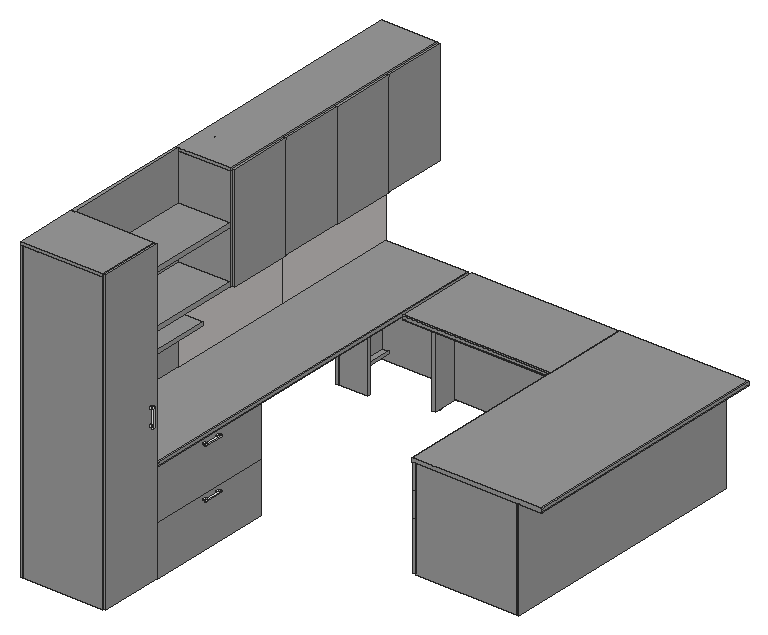
Revit family "JSI-Vision-Typical_Laminate-VST125", category Furniture, Revit 2020 (continued)
Definition of nested family "JSI-Vision-Adjustable_Casegood-L_Shape-Modesty_Desk-Bridge"
  Definition of nested family "Double_Mechanism"
    Forms (in)
      Extrusion 9, solid, material <- "Support Finish"
        sketch origin (0, -56.13571, 0) x (1, 0, 0) y (0, 0, -1)
          loop
            line (-1.97781, -27.12586) -> (-3.00258, -27.12586)
            arc (-3.00258, -27.12586) -> (-3.05782, -27.14874) -> (-3.08071, -27.20399) r 0.07813
            line (-3.08071, -27.20399) -> (-3.08071, -28.23462)
            arc (-3.08071, -28.23462) -> (-3.05782, -28.28986) -> (-3.00258, -28.31275) r 0.07813
            line (-3.00258, -28.31275) -> (-1.97884, -28.31275)
          loop
            line (1.96218, -28.25025) -> (3.01821, -28.25025) -> (3.01821, -27.19414) -> (1.96218, -27.19414) -> (1.96218, -28.25025)
          loop
            line (-1.96218, -28.25025) -> (-1.96218, -27.18836) -> (-3.01821, -27.18836) -> (-3.01821, -28.25025) -> (-1.96218, -28.25025)
        from -4.88795 to 15.3089
      Extrusion 10, solid, material <- "Support Finish"
        sketch origin (0, -63.14354, 0) x (1, 0, 0) y (0, 0, -1)
          loop
            arc (-3.15949, -27.17039) -> (-3.14814, -27.14299) -> (-3.12074, -27.13164) r 0.03875
            line (-3.12074, -27.13164) -> (-2.09649, -27.13164) -> (-2.09649, -27.01353) -> (-3.12012, -27.01353)
            arc (-3.12012, -27.01353) -> (-3.23147, -27.05966) -> (-3.2776, -27.17101) r 0.15748
            line (-3.2776, -27.17101) -> (-3.2776, -28.15527)
            arc (-3.2776, -28.15527) -> (-3.28913, -28.1831) -> (-3.31697, -28.19464) r 0.03937
            line (-3.31697, -28.19464) -> (-9.29531, -28.19464) -> (-9.29531, -28.31275) -> (-3.31697, -28.31275)
            arc (-3.31697, -28.31275) -> (-3.20561, -28.26662) -> (-3.15949, -28.15527) r 0.15748
            line (-3.15949, -28.15527) -> (-3.15949, -27.17039)
          loop
            line (3.15949, -27.17039) -> (3.15949, -28.15527)
            arc (3.15949, -28.15527) -> (3.20561, -28.26662) -> (3.31697, -28.31275) r 0.15748
            line (3.31697, -28.31275) -> (9.29531, -28.31275) -> (9.29531, -28.19464) -> (3.31697, -28.19464)
            arc (3.31697, -28.19464) -> (3.28913, -28.1831) -> (3.2776, -28.15527) r 0.03937
            line (3.2776, -28.15527) -> (3.2776, -27.17101)
            arc (3.2776, -27.17101) -> (3.23147, -27.05966) -> (3.12012, -27.01353) r 0.15748
            line (3.12012, -27.01353) -> (2.09649, -27.01353) -> (2.09649, -27.13164) -> (3.12074, -27.13164)
            arc (3.12074, -27.13164) -> (3.14814, -27.14299) -> (3.15949, -27.17039) r 0.03875
        from 1.94468 to 4.38562
      Extrusion 11, void
        sketch origin (0, -63.14354, 0) x (1, 0, 0) y (0, 1, 0)
          loop
            line (-8.90161, 3.12578) -> (-4.8524, 3.12578)
            arc (-4.8524, 3.12578) -> (-4.57401, 3.24109) -> (-4.4587, 3.51948) r 0.3937
            line (-4.4587, 3.51948) -> (-4.4587, 3.99192)
            arc (-4.4587, 3.99192) -> (-4.3402, 4.278) -> (-4.05412, 4.3965) r 0.40458
            line (-4.05412, 4.3965) -> (-4.05412, 4.47635) -> (-9.50791, 4.47635) -> (-9.50791, 2.71483) -> (-9.31256, 2.71483)
            arc (-9.31256, 2.71483) -> (-9.19219, 3.00542) -> (-8.90161, 3.12578) r 0.41095
          loop
            arc (8.90161, 3.12578) -> (9.19219, 3.00542) -> (9.31256, 2.71483) r 0.41095
            line (9.31256, 2.71483) -> (9.50791, 2.71483) -> (9.50791, 4.47635) -> (4.05412, 4.47635) -> (4.05412, 4.3965)
            arc (4.05412, 4.3965) -> (4.3402, 4.278) -> (4.4587, 3.99192) r 0.40458
            line (4.4587, 3.99192) -> (4.4587, 3.51948)
            arc (4.4587, 3.51948) -> (4.57401, 3.24109) -> (4.8524, 3.12578) r 0.3937
            line (4.8524, 3.12578) -> (8.90161, 3.12578)
        from 26.46233 to 29.5
      Extrusion 12, solid, material <- "Support Finish"
        sketch origin (0, -1.70596, 0) x (1, 0, 0) y (0, 0, 1)
          loop
            arc (-2.97044, 28.25025) -> (-3.00421, 28.23626) -> (-3.01821, 28.20248) r 0.04777
            line (-3.01821, 28.20248) -> (-3.01821, 27.24102)
            arc (-3.01821, 27.24102) -> (-3.00448, 27.20787) -> (-2.97133, 27.19414) r 0.04688
            line (-2.97133, 27.19414) -> (-2.00906, 27.19414)
            arc (-2.00906, 27.19414) -> (-1.97591, 27.20787) -> (-1.96218, 27.24102) r 0.04688
            line (-1.96218, 27.24102) -> (-1.96218, 28.20337)
            arc (-1.96218, 28.20337) -> (-1.97591, 28.23652) -> (-2.00906, 28.25025) r 0.04688
            line (-2.00906, 28.25025) -> (-2.97044, 28.25025)
          loop
            arc (2.00906, 28.25025) -> (1.97591, 28.23652) -> (1.96218, 28.20337) r 0.04688
            line (1.96218, 28.20337) -> (1.96218, 27.24102)
            arc (1.96218, 27.24102) -> (1.97591, 27.20787) -> (2.00906, 27.19414) r 0.04688
            line (2.00906, 27.19414) -> (2.97133, 27.19414)
            arc (2.97133, 27.19414) -> (3.00448, 27.20787) -> (3.01821, 27.24102) r 0.04688
            line (3.01821, 27.24102) -> (3.01821, 28.20337)
            arc (3.01821, 28.20337) -> (3.00448, 28.23652) -> (2.97133, 28.25025) r 0.04688
            line (2.97133, 28.25025) -> (2.00906, 28.25025)
        from 14.61077 to 45.12085
    Cuts and joins
      Extrusion 11 cuts Extrusion 4
      Extrusion 7, Extrusion 11 cuts Extrusion 6
      joined: Extrusion 4, Extrusion 6
      Extrusion 11 cuts Extrusion 9
      Extrusion 11 cuts Extrusion 10
    Lines and regions (in)
      symbolic lines
        curve 1: line (-9.29531, -1.82657, 0) -> (9.29531, -1.82657, 0)
        curve 2: line (9.29531, -1.82657, 0) -> (9.29531, -2.83263, 0)
        curve 3: arc (9.29531, -2.83263, 0) -> (9.14704, -3.04444, 0) -> (8.90161, -3.12578, 0) r 0.41095
        curve 4: line (8.90161, -3.12578, 0) -> (4.8524, -3.12578, 0)
        curve 5: arc (4.8524, -3.12578, 0) -> (4.57401, -3.24109, 0) -> (4.4587, -3.51948, 0) r 0.3937
        curve 6: line (4.4587, -3.51948, 0) -> (4.4587, -3.99192, 0)
        curve 7: arc (4.4587, -3.99192, 0) -> (4.37144, -4.2429, 0) -> (4.14731, -4.38562, 0) r 0.40458
        curve 8: line (2.09649, -1.94468, 0) -> (2.09649, -4.38562, 0)
        curve 9: line (-9.29531, -1.82657, 0) -> (-9.29531, -2.83263, 0)
        curve 10: arc (-8.90161, -3.12578, 0) -> (-9.14704, -3.04444, 0) -> (-9.29531, -2.83263, 0) r 0.41095
        curve 11: line (-4.8524, -3.12578, 0) -> (-8.90161, -3.12578, 0)
        curve 12: arc (-4.4587, -3.51948, 0) -> (-4.57401, -3.24109, 0) -> (-4.8524, -3.12578, 0) r 0.3937
        curve 13: line (-4.4587, -3.99192, 0) -> (-4.4587, -3.51948, 0)
        curve 14: arc (-4.14731, -4.38562, 0) -> (-4.37144, -4.2429, 0) -> (-4.4587, -3.99192, 0) r 0.40458
        curve 15: line (-4.14731, -4.38562, 0) -> (-2.09649, -4.38562, 0)
        curve 16: line (-2.09649, -4.38562, 0) -> (-2.09649, -1.82657, 0)
        curve 17: line (-3.08071, -4.38562, 0) -> (-3.08071, -22.31673, 0)
        curve 18: line (-1.89968, -22.31673, 0) -> (-3.08071, -22.31673, 0)
        curve 19: line (-1.89968, -22.31673, 0) -> (-1.89968, -2.11987, 0)
        curve 20: line (-1.89968, -2.11987, 0) -> (-2.09649, -2.11987, 0)
        curve 21: line (3.08071, -4.38562, 0) -> (3.08071, -22.31673, 0)
        curve 22: line (1.89968, -22.31673, 0) -> (3.08071, -22.31673, 0)
        curve 23: line (1.89968, -22.31673, 0) -> (1.89968, -2.11987, 0)
        curve 24: line (1.89968, -2.11987, 0) -> (2.09649, -2.11987, 0)
        curve 25: line (-1.89968, -10.68287, 0) -> (1.89968, -10.68287, 0)
        curve 26: line (1.25984, -2.82928, 0) -> (-1.25984, -2.82928, 0)
        curve 27: arc (-1.25984, -2.82928, 0) -> (-1.32944, -2.85811, 0) -> (-1.35827, -2.92771, 0) r 0.09843
        curve 28: line (-1.35827, -2.92771, 0) -> (-1.35827, -5.44739, 0)
        curve 29: arc (-1.35827, -5.44739, 0) -> (-1.32944, -5.51699, 0) -> (-1.25984, -5.54582, 0) r 0.09843
        curve 30: line (-1.25984, -5.54582, 0) -> (1.25984, -5.54582, 0)
        curve 31: arc (1.25984, -5.54582, 0) -> (1.32944, -5.51699, 0) -> (1.35827, -5.44739, 0) r 0.09843
        curve 32: line (1.35827, -5.44739, 0) -> (1.35827, -2.92771, 0)
        curve 33: arc (1.35827, -2.92771, 0) -> (1.32944, -2.85811, 0) -> (1.25984, -2.82928, 0) r 0.09843
        curve 34: line (1.07283, -3.01629, 0) -> (-1.07283, -3.01629, 0)
        curve 35: arc (-1.07283, -3.01629, 0) -> (-1.14243, -3.04512, 0) -> (-1.17126, -3.11472, 0) r 0.09843
        curve 36: line (-1.17126, -3.11472, 0) -> (-1.17126, -5.26039, 0)
        curve 37: arc (-1.17126, -5.26039, 0) -> (-1.14243, -5.32998, 0) -> (-1.07283, -5.35881, 0) r 0.09843
        curve 38: line (-1.07283, -5.35881, 0) -> (1.07283, -5.35881, 0)
        curve 39: arc (1.07283, -5.35881, 0) -> (1.14243, -5.32998, 0) -> (1.17126, -5.26039, 0) r 0.09843
        curve 40: line (1.17126, -5.26039, 0) -> (1.17126, -3.11472, 0)
        curve 41: arc (1.17126, -3.11472, 0) -> (1.14243, -3.04512, 0) -> (1.07283, -3.01629, 0) r 0.09843
        curve 42: line (4.14731, -4.38562, 0) -> (2.09649, -4.38562, 0)
        curve 43: line (-9.29531, -61.31697, 0) -> (9.29531, -61.31697, 0)
        curve 44: line (9.29531, -61.31697, 0) -> (9.29531, -60.3109, 0)
        curve 45: arc (9.29531, -60.3109, 0) -> (9.14704, -60.09909, 0) -> (8.90161, -60.01776, 0) r 0.41095
        curve 46: line (8.90161, -60.01776, 0) -> (4.8524, -60.01776, 0)
        curve 47: arc (4.8524, -60.01776, 0) -> (4.57401, -59.90244, 0) -> (4.4587, -59.62405, 0) r 0.3937
        curve 48: line (4.4587, -59.62405, 0) -> (4.4587, -59.15161, 0)
        curve 49: arc (4.4587, -59.15161, 0) -> (4.37144, -58.90063, 0) -> (4.14731, -58.75791, 0) r 0.40458
        curve 50: line (2.09649, -61.19886, 0) -> (2.09649, -58.75791, 0)
        curve 51: line (-9.29531, -61.31697, 0) -> (-9.29531, -60.3109, 0)
        curve 52: arc (-8.90161, -60.01776, 0) -> (-9.14704, -60.09909, 0) -> (-9.29531, -60.3109, 0) r 0.41095
        curve 53: line (-4.8524, -60.01776, 0) -> (-8.90161, -60.01776, 0)
        curve 54: arc (-4.4587, -59.62405, 0) -> (-4.57401, -59.90244, 0) -> (-4.8524, -60.01776, 0) r 0.3937
        curve 55: line (-4.4587, -59.15161, 0) -> (-4.4587, -59.62405, 0)
        curve 56: arc (-4.14731, -58.75791, 0) -> (-4.37144, -58.90063, 0) -> (-4.4587, -59.15161, 0) r 0.40458
        curve 57: line (-4.14731, -58.75791, 0) -> (-2.09649, -58.75791, 0)
        curve 58: line (-2.09649, -58.75791, 0) -> (-2.09649, -61.31697, 0)
        curve 59: line (-3.08071, -58.75791, 0) -> (-3.08071, -40.82681, 0)
        curve 60: line (-1.89968, -40.82681, 0) -> (-3.08071, -40.82681, 0)
        curve 61: line (-1.89968, -40.82681, 0) -> (-1.89968, -61.02366, 0)
        curve 62: line (-1.89968, -61.02366, 0) -> (-2.09649, -61.02366, 0)
        curve 63: line (3.08071, -58.75791, 0) -> (3.08071, -40.82681, 0)
        curve 64: line (1.89968, -40.82681, 0) -> (3.08071, -40.82681, 0)
        curve 65: line (1.89968, -40.82681, 0) -> (1.89968, -61.02366, 0)
        curve 66: line (1.89968, -61.02366, 0) -> (2.09649, -61.02366, 0)
        curve 67: line (-1.89968, -52.46067, 0) -> (1.89968, -52.46067, 0)
        curve 68: line (1.25984, -60.31425, 0) -> (-1.25984, -60.31425, 0)
        curve 69: arc (-1.25984, -60.31425, 0) -> (-1.32944, -60.28542, 0) -> (-1.35827, -60.21583, 0) r 0.09843
        curve 70: line (-1.35827, -60.21583, 0) -> (-1.35827, -57.69614, 0)
        curve 71: arc (-1.35827, -57.69614, 0) -> (-1.32944, -57.62654, 0) -> (-1.25984, -57.59772, 0) r 0.09843
        curve 72: line (-1.25984, -57.59772, 0) -> (1.25984, -57.59772, 0)
        curve 73: arc (1.25984, -57.59772, 0) -> (1.32944, -57.62654, 0) -> (1.35827, -57.69614, 0) r 0.09843
        curve 74: line (1.35827, -57.69614, 0) -> (1.35827, -60.21583, 0)
        curve 75: arc (1.35827, -60.21583, 0) -> (1.32944, -60.28542, 0) -> (1.25984, -60.31425, 0) r 0.09843
        curve 76: line (1.07283, -60.12724, 0) -> (-1.07283, -60.12724, 0)
        curve 77: arc (-1.07283, -60.12724, 0) -> (-1.14243, -60.09842, 0) -> (-1.17126, -60.02882, 0) r 0.09843
        curve 78: line (-1.17126, -60.02882, 0) -> (-1.17126, -57.88315, 0)
        curve 79: arc (-1.17126, -57.88315, 0) -> (-1.14243, -57.81355, 0) -> (-1.07283, -57.78472, 0) r 0.09843
        curve 80: line (-1.07283, -57.78472, 0) -> (1.07283, -57.78472, 0)
        curve 81: arc (1.07283, -57.78472, 0) -> (1.14243, -57.81355, 0) -> (1.17126, -57.88315, 0) r 0.09843
        curve 82: line (1.17126, -57.88315, 0) -> (1.17126, -60.02882, 0)
        curve 83: arc (1.17126, -60.02882, 0) -> (1.14243, -60.09842, 0) -> (1.07283, -60.12724, 0) r 0.09843
        curve 84: line (4.14731, -58.75791, 0) -> (2.09649, -58.75791, 0)
        curve 85: line (-3.01821, -22.31673, 0) -> (-3.01821, -40.81673, 0)
        curve 86: line (-1.96218, -40.82681, 0) -> (-1.96218, -22.31673, 0)
        curve 87: line (1.96218, -22.31673, 0) -> (1.96218, -40.82681, 0)
        curve 88: line (3.01821, -40.82681, 0) -> (3.01821, -22.31673, 0)
    Dimensions and locks (in)
      Extrusion 1 sketch curve to Extrusion 1 sketch curve to plane 1 "Center (Front/Back)" = 2.34252" locked, 3.01629" locked
      Extrusion 1 sketch curve to plane 3 "Center (Left/Right)" to Extrusion 1 sketch curve = 1.17126" locked, 1.17126" locked
      Extrusion 3 sketch curve to plane 3 "Center (Left/Right)" to Extrusion 3 sketch curve = 1.35827" locked, 1.35827" locked
      Extrusion 3 sketch curve to Extrusion 3 sketch curve to plane 1 "Center (Front/Back)" = 2.71654" locked, 2.82928" locked
      plane 2 to Extrusion 3 to Extrusion 3 = 2.6907" locked, 23.38583" locked
      "Height": plane 2 to plane 4
      Extrusion 1 to Extrusion 1 to plane 4 = 23.38581" locked, 3.06941" locked
      Extrusion 2 sketch curve to Extrusion 2 sketch curve to Extrusion 2 sketch curve to plane 4 = 1.57541" locked, 0.275" locked, 1.219" locked
      Extrusion 4 sketch curve to Extrusion 4 sketch curve to Extrusion 4 sketch curve to Extrusion 4 sketch curve to Extrusion 4 sketch curve to Extrusion 4 sketch curve to plane 3 "Center (Left/Right)" to Extrusion 4 sketch curve to Extrusion 4 sketch curve to Extrusion 4 sketch curve to Extrusion 4 sketch curve to Extrusion 4 sketch curve to Extrusion 4 sketch curve = 0.37595" locked, 5.79863" locked, 0.26689" locked, 0.7773" locked, 0.15752" locked, 1.91902" locked, 1.92012" locked, 0.15643" locked, 0.7773" locked, 0.26631" locked, 5.79921" locked, 0.37595" locked
      plane 4 to Extrusion 4 sketch curve to Extrusion 4 sketch curve to Extrusion 4 sketch curve to Extrusion 4 sketch curve to Extrusion 4 sketch curve = 1.18725" locked, 0.55247" locked, 1.37887" locked, 0.03038" locked, 0.34891" locked
      plane 1 "Center (Front/Back)" to Extrusion 4 to Extrusion 4 to Extrusion 5 to Extrusion 5 = 1.82657" locked, 0.11811" locked, 0.1752" locked, 20.19685"
      Extrusion 5 sketch curve to Extrusion 5 sketch curve to Extrusion 5 sketch curve to Extrusion 5 sketch curve to plane 3 "Center (Left/Right)" to Extrusion 5 sketch curve to Extrusion 5 sketch curve to Extrusion 5 sketch curve to Extrusion 5 sketch curve = 0.07915" locked, 1.02374" locked, 5/64" locked, 1.89968" locked, 1.89968" locked, 5/64" locked, 1.02374" locked, 0.07915" locked
      plane 4 to Extrusion 5 sketch curve to Extrusion 5 sketch curve to Extrusion 5 sketch curve to Extrusion 5 sketch curve = 1.18725" locked, 0.07915" locked, 1.02382" locked, 5/64" locked
      plane 4 to Extrusion 6 sketch curve to Extrusion 6 sketch curve to Extrusion 6 sketch curve to Extrusion 6 sketch curve to Extrusion 6 sketch curve to Extrusion 6 sketch curve = 1.18725" locked, 0.11811" locked, 0.03937" locked, 0.98425" locked, 0.03937" locked, 0.11811" locked
      plane 4 to Extrusion 8 sketch curve to Extrusion 8 sketch curve to Extrusion 8 sketch curve = 1.18725" locked, 0.275" locked, 1.57541" locked
      Extrusion 9 to Extrusion 9 = 20.19685"
      Extrusion 9 sketch curve to Extrusion 9 sketch curve to Extrusion 9 sketch curve to Extrusion 9 sketch curve to plane 3 "Center (Left/Right)" to Extrusion 9 sketch curve to Extrusion 9 sketch curve to Extrusion 9 sketch curve to Extrusion 9 sketch curve = 5/64" locked, 1.02374" locked, 0.07915" locked, 1.89968" locked, 1.89968" locked, 0.07915" locked, 1.02374" locked, 5/64" locked
      Extrusion 9 sketch curve to Extrusion 9 sketch curve to Extrusion 9 sketch curve to Extrusion 9 sketch curve to plane 4 = 5/64" locked, 1.02382" locked, 0.07915" locked, 1.18725" locked
      Extrusion 10 sketch curve to Extrusion 10 sketch curve to Extrusion 10 sketch curve to Extrusion 10 sketch curve to Extrusion 10 sketch curve to Extrusion 10 sketch curve = 0.11811" locked, 0.03937" locked, 0.98425" locked, 0.03937" locked, 0.11811" locked
      plane 5 to plane 1 "Center (Front/Back)" = 71.89468"
      locked: Extrusion 12 to Extrusion 5 at 6
      locked: cut or joined group of Extrusion 9, Extrusion 11 to Extrusion 12 at 6
      aligned and locked: plane 2 to level
      aligned and locked: Extrusion 1 to Extrusion 2
      aligned and locked: Extrusion 4 sketch curve to Extrusion 4 sketch curve  (x2)
      aligned and locked: Extrusion 5 sketch curve to Extrusion 5 sketch curve
      aligned and locked: Extrusion 4 to Extrusion 5 sketch curve
      aligned and locked: Extrusion 6 sketch curve to Extrusion 4
      aligned and locked: Extrusion 6 sketch curve to Extrusion 6 sketch curve  (x4)
      aligned and locked: Extrusion 6 to Extrusion 4
      aligned and locked: Extrusion 7 to plane 4
      aligned and locked: Extrusion 2 to Extrusion 7
      aligned and locked: curve 9 to cut or joined group of Extrusion 4, Extrusion 6, Extrusion 7, Extrusion 11
      aligned and locked: curve 10 to cut or joined group of Extrusion 4, Extrusion 6, Extrusion 7, Extrusion 11
      aligned and locked: curve 12 to cut or joined group of Extrusion 4, Extrusion 6, Extrusion 7, Extrusion 11
      aligned and locked: curve 14 to cut or joined group of Extrusion 4, Extrusion 6, Extrusion 7, Extrusion 11
      aligned and locked: curve 42 to cut or joined group of Extrusion 4, Extrusion 6, Extrusion 7, Extrusion 11
      aligned and locked: curve 18 to curve 22
      aligned and locked: curve 18 to Extrusion 5
      aligned and locked: Extrusion 9 sketch curve to Extrusion 9 sketch curve
      aligned and locked: Extrusion 10 sketch curve to Extrusion 10 sketch curve  (x4)
      aligned and locked: Extrusion 11 to Extrusion 8
      aligned and locked: curve 60 to curve 64
      aligned and locked: Extrusion 9 to curve 60
      aligned and locked: cut or joined group of Extrusion 9, Extrusion 11 to Extrusion 12 sketch curve
      aligned and locked: Extrusion 12 sketch curve to Extrusion 5
      aligned and locked: curve 86 to cut or joined group of Extrusion 9, Extrusion 11
      aligned and locked: Extrusion 5 to curve 87
      aligned and locked: curve 88 to cut or joined group of Extrusion 9, Extrusion 11
    Automatic sketch dimensions
      Extrusion 1 sketch curve to Extrusion 1 sketch curve = 0.09843"  (x4)
      plane 1 "Center (Front/Back)" to Extrusion 2 sketch curve = 10.68287"
      Extrusion 2 sketch curve to Extrusion 2 sketch curve = 0.5621"
      Extrusion 2 sketch curve to Extrusion 2 sketch curve = 0.50019"
      plane 1 "Center (Front/Back)" to Extrusion 2 sketch curve = 2.02145"
      Extrusion 3 sketch curve to Extrusion 3 sketch curve = 0.09843"  (x4)
      plane 4 to Extrusion 4 sketch curve = 2.11365"  (x2)
      Extrusion 4 sketch curve to Extrusion 4 sketch curve = 0.19623"
      Extrusion 4 sketch curve to Extrusion 4 sketch curve = 0.03875"
      Extrusion 4 sketch curve to Extrusion 4 sketch curve = 0.04121"  (x2)
      Extrusion 4 sketch curve to Extrusion 4 sketch curve = 0.00958"  (x2)
      Extrusion 4 sketch curve to Extrusion 4 sketch curve = 5/128"
      Extrusion 4 sketch curve to Extrusion 4 sketch curve = 0.04016"
      Extrusion 4 sketch curve to Extrusion 4 sketch curve = 0.03933"
      Extrusion 4 sketch curve to Extrusion 4 sketch curve = 0.15748"
      Extrusion 4 sketch curve to Extrusion 4 sketch curve = 0.03888"
      Extrusion 4 sketch curve to Extrusion 4 sketch curve = 0.34891"
      Extrusion 4 sketch curve to Extrusion 4 sketch curve = 0.37929"
      Extrusion 4 sketch curve to Extrusion 4 sketch curve = 0.39634"  (x2)
      Extrusion 4 sketch curve to Extrusion 4 sketch curve = 0.75024"
      Extrusion 4 sketch curve to Extrusion 4 sketch curve = 0.38427"
      Extrusion 5 sketch curve to Extrusion 5 sketch curve = 0.01665"  (x2)
      Extrusion 5 sketch curve to Extrusion 5 sketch curve = 5/64"  (x2)
      Extrusion 5 sketch curve to Extrusion 5 sketch curve = 1/64"  (x7)
      Extrusion 6 sketch curve to Extrusion 6 sketch curve = 0"  (x4)
      Extrusion 6 sketch curve to Extrusion 6 sketch curve = 5.97835"  (x2)
      Extrusion 6 sketch curve to Extrusion 6 sketch curve = 1.02424"
      plane 3 "Center (Left/Right)" to Extrusion 6 sketch curve = 2.09649"
      Extrusion 6 sketch curve to Extrusion 6 sketch curve = 1.02362"
      Extrusion 6 sketch curve to Extrusion 6 sketch curve = 0.00062"
      Extrusion 6 sketch curve to Extrusion 6 sketch curve = 0.03875"
      Extrusion 6 sketch curve to Extrusion 6 sketch curve = 0.03937"
      plane 1 "Center (Front/Back)" to Extrusion 7 sketch curve = 4.47635"  (x2)
      Extrusion 7 sketch curve to plane 3 "Center (Left/Right)" = 9.50791"
      Extrusion 7 sketch curve to Extrusion 7 sketch curve = 0.19535"  (x2)
      Extrusion 7 sketch curve to Extrusion 7 sketch curve = 0.41095"  (x2)
      Extrusion 7 sketch curve to Extrusion 7 sketch curve = 4.04921"  (x2)
      Extrusion 7 sketch curve to Extrusion 7 sketch curve = 0.3937"  (x2)
      Extrusion 7 sketch curve to Extrusion 7 sketch curve = 0.40458"  (x2)
      plane 3 "Center (Left/Right)" to Extrusion 7 sketch curve = 4.05412"
      Extrusion 7 sketch curve to Extrusion 7 sketch curve = 0.07985"  (x2)
      Extrusion 7 sketch curve to Extrusion 7 sketch curve = 0.47244"  (x2)
      plane 1 "Center (Front/Back)" to Extrusion 8 sketch curve = 52.46067"
      Extrusion 8 sketch curve to Extrusion 8 sketch curve = 0.5621"
      Extrusion 8 sketch curve to Extrusion 8 sketch curve = 0.50019"
      Extrusion 8 sketch curve to Extrusion 8 sketch curve = 7.59913"
      Extrusion 9 sketch curve to Extrusion 9 sketch curve = 1/64"  (x8)
      Extrusion 9 sketch curve to Extrusion 9 sketch curve = 5/64"  (x2)
      Extrusion 9 sketch curve to Extrusion 9 sketch curve = 0.01665"
      Extrusion 9 sketch curve to Extrusion 9 sketch curve = 1.03063"
      Extrusion 10 sketch curve to Extrusion 10 sketch curve = 0"  (x4)
      plane 4 to Extrusion 10 sketch curve = 1.30536"
      Extrusion 10 sketch curve to plane 3 "Center (Left/Right)" = 9.29531"
      Extrusion 10 sketch curve to plane 3 "Center (Left/Right)" = 3.31697"
      Extrusion 10 sketch curve to Extrusion 10 sketch curve = 0.00062"  (x2)
      Extrusion 10 sketch curve to Extrusion 10 sketch curve = 1.02424"
      plane 3 "Center (Left/Right)" to Extrusion 10 sketch curve = 2.09649"
      Extrusion 10 sketch curve to Extrusion 10 sketch curve = 1.02362"
      Extrusion 10 sketch curve to Extrusion 10 sketch curve = 0.03875"
      Extrusion 10 sketch curve to Extrusion 10 sketch curve = 0.03937"
      Extrusion 10 sketch curve to Extrusion 10 sketch curve = 5.97835"
      Extrusion 11 sketch curve to plane 3 "Center (Left/Right)" = 9.50791"
      Extrusion 11 sketch curve to Extrusion 11 sketch curve = 0.19535"  (x2)
      Extrusion 11 sketch curve to Extrusion 11 sketch curve = 0.41095"  (x2)
      Extrusion 11 sketch curve to Extrusion 11 sketch curve = 4.04921"  (x2)
      Extrusion 11 sketch curve to Extrusion 11 sketch curve = 0.3937"  (x2)
      Extrusion 11 sketch curve to Extrusion 11 sketch curve = 0.40458"  (x2)
      plane 3 "Center (Left/Right)" to Extrusion 11 sketch curve = 4.05412"
      plane 1 "Center (Front/Back)" to Extrusion 11 sketch curve = 60.4287"
      Extrusion 11 sketch curve to Extrusion 11 sketch curve = 0.80465"
      Extrusion 11 sketch curve to Extrusion 11 sketch curve = 0.47244"  (x2)
      Extrusion 11 sketch curve to Extrusion 11 sketch curve = 0.07985"  (x2)
      plane 4 to Extrusion 12 sketch curve = 1.29752"
      Extrusion 12 sketch curve to plane 3 "Center (Left/Right)" = 3.01821"
      Extrusion 12 sketch curve to Extrusion 12 sketch curve = 3/64"  (x5)
      Extrusion 12 sketch curve to Extrusion 12 sketch curve = 0.04777"
      Extrusion 12 sketch curve to Extrusion 12 sketch curve = 0.96138"
      Extrusion 12 sketch curve to Extrusion 12 sketch curve = 0.96227"  (x3)
      plane 3 "Center (Left/Right)" to Extrusion 12 sketch curve = 1.96218"
      Extrusion 12 sketch curve to Extrusion 12 sketch curve = 1.00923"
      curve 51 to plane 3 "Center (Left/Right)" = 9.29531"
      curve 52 to curve 52 = 0.3937"
      curve 52 to curve 54 = 4.04921"
      curve 54 to curve 55 = 0.3937"
      curve 15 to curve 14 = 0.09319"
      curve 56 to curve 57 = 0.31139"
      curve 57 to curve 56 = 0.09319"
      curve 59 to curve 86 = 1.11852"
      curve 18 to curve 86 = 1.11852"
      curve 59 to curve 57 = 0.98421"
      curve 17 to curve 16 = 0.98421"
      curve 86 to curve 19 = 1/16"
      curve 86 to curve 60 = 1/16"
      curve 15 to curve 28 = 0.73823"
      curve 57 to curve 70 = 0.73823"
      curve 27 to curve 27 = 0.09843"
      curve 71 to curve 72 = 0.09843"
      curve 70 to curve 68 = 0.09843"
      curve 29 to curve 30 = 0.09843"
      curve 27 to curve 36 = 0.08858"
      curve 69 to curve 78 = 0.08858"
      curve 36 to curve 34 = 0.09843"
      curve 37 to curve 37 = 0.09843"
      curve 79 to curve 80 = 0.09843"
      curve 77 to curve 76 = 0.09843"
      plane 3 "Center (Left/Right)" to curve 34 = 1.07283"
      plane 3 "Center (Left/Right)" to curve 38 = 1.07283"
      plane 3 "Center (Left/Right)" to curve 76 = 1.07283"
      plane 3 "Center (Left/Right)" to curve 80 = 1.07283"
      curve 83 to curve 82 = 0.09843"
      curve 41 to curve 40 = 0.09843"
      curve 80 to curve 73 = 0.18701"
      curve 83 to curve 68 = 0.18701"
      curve 38 to curve 31 = 0.18701"
      curve 41 to curve 26 = 0.18701"
      curve 33 to curve 32 = 0.09843"
      curve 73 to curve 74 = 0.09843"
      curve 23 to curve 87 = 1/16"
      curve 64 to curve 87 = 1/16"
      curve 39 to curve 8 = 0.92523"
      curve 81 to curve 50 = 0.92523"
      curve 87 to curve 64 = 1.11852"
      curve 21 to curve 7 = 0.97341"
      curve 63 to curve 49 = 0.97341"
      curve 7 to curve 42 = 0.09319"
      curve 49 to curve 84 = 0.09319"
      curve 49 to curve 48 = 0.40458"
      curve 7 to curve 6 = 0.40458"
      curve 6 to curve 5 = 0.3937"
      curve 47 to curve 47 = 0.3937"
      curve 5 to curve 4 = 4.04921"
      curve 47 to curve 45 = 4.04921"
      curve 45 to curve 44 = 0.3937"
      curve 3 to curve 2 = 0.3937"
      curve 63 to curve 21 = 18.51008"
      curve 72 to plane 5 = 14.29696"
      curve 80 to curve 71 = 0.08858"
      curve 84 to curve 73 = 1.06177"
      curve 57 to curve 78 = 0.87476"
      curve 54 to curve 55 = 0.47244"
      curve 48 to curve 48 = 0.47244"
      curve 77 to curve 57 = 1.27091"
      curve 75 to curve 83 = 0.08858"
      curve 44 to curve 45 = 0.29315"
      curve 51 to curve 52 = 0.29315"
      curve 65 to curve 68 = 0.70941"
      curve 62 to curve 68 = 0.70941"
      curve 51 to curve 52 = 0.88827"
      curve 30 to curve 8 = 1.1602"
      curve 29 to curve 38 = 0.08858"
      curve 6 to curve 6 = 0.47244"
      curve 15 to curve 36 = 1.27091"
      curve 36 to curve 27 = 0.18701"
      curve 3 to curve 2 = 0.29315"
      curve 26 to curve 20 = 0.70941"
      curve 33 to curve 23 = 0.70941"
      curve 3 to curve 2 = 0.88827"
      curve 17 to curve 85 = 1/16"
      curve 88 to curve 21 = 1/16"
      curve 59 to curve 85 = 0.01008"
      curve 72 to curve 67 = 5.13705"
      curve 50 to curve 66 = 0.1752"
      curve 25 to curve 30 = 5.13705"
      curve 24 to curve 8 = 0.1752"
Definition of nested family "JSI-Vision-Wall_Panel_Laminate"
  Parameters (values of type "Type Catalog")
    Width = 36"
    URL = "www.jsifurniture.com"
    Type Comments = ""
    Shelf Finish = none
    Shelf [instance] = yes
    Series = "Vision Casegoods"  # constant formula
    Model = "Type Catalog"
    Material = ""
    Manufacturer = "JSI"  # constant formula
    Keynote = "12500"  # constant formula
    SVX Enviromental Website = "http://www.jsifurniture.com/jsi_sustainability_intro.php"
    Height = 25"
    Hardware Finish = none
    Description = "Type Catalog"
    Depth [instance] = if(Shelf, 7 15/16", 15/16")  # 7 15/16"
    Panel Finish = none
    Default Elevation = 0"
    Assembly Code = "E2020200"
  Reference planes (in)
    plane 1 "Center Front/Back": y = 0
    plane 2: z = 0
    plane 3 "Center Left/Right": x = 0
    plane 4: z = 0
    plane 5: z = 54.5
    plane 6: x = 36
    plane 7: y = -7.9375
    plane 8: z = 29.5
    plane 9: y = -0.1875
    plane 10: x = 1
    plane 11: x = 35
    plane 12: z = 42
  Forms (in)
    Extrusion 1, solid, material <- "Hardware Finish"
      sketch origin (0, 0, 0) x (0, 1, 0) y (0, 0, 1)
        loop
          line (-0.2, 33.125) -> (-0.2, 32.25) -> (-0.075, 32.25) -> (-0.075, 31.25) -> (0, 31.25) -> (0, 31.33062)
          arc (0, 31.33062) -> (-0.03012, 31.36074) -> (0, 31.39087) r 0.03012
          line (0, 31.39087) -> (0, 31.45562)
          arc (0, 31.45562) -> (-0.03012, 31.48574) -> (0, 31.51587) r 0.03012
          line (0, 31.51587) -> (0, 31.58062)
          arc (0, 31.58062) -> (-0.03012, 31.61074) -> (0, 31.64087) r 0.03012
          line (0, 31.64087) -> (0, 31.70562)
          arc (0, 31.70562) -> (-0.03012, 31.73574) -> (0, 31.76587) r 0.03012
          line (0, 31.76587) -> (0, 31.83062)
          arc (0, 31.83062) -> (-0.03012, 31.86074) -> (0, 31.89087) r 0.03012
          line (0, 31.89087) -> (0, 31.95562)
          arc (0, 31.95562) -> (-0.03012, 31.98574) -> (0, 32.01587) r 0.03012
          line (0, 32.01587) -> (0, 32.08062)
          arc (0, 32.08062) -> (-0.03012, 32.11074) -> (0, 32.14087) r 0.03012
          line (0, 32.14087) -> (0, 32.5) -> (-0.095, 32.5) -> (-0.095, 33.125) -> (-0.2, 33.125)
        loop
          line (-0.2, 50.375) -> (-0.2, 49.5) -> (-0.075, 49.5) -> (-0.075, 48.5) -> (0, 48.5) -> (0, 48.58062)
          arc (0, 48.58062) -> (-0.03012, 48.61074) -> (0, 48.64087) r 0.03012
          line (0, 48.64087) -> (0, 48.70562)
          arc (0, 48.70562) -> (-0.03012, 48.73574) -> (0, 48.76587) r 0.03012
          line (0, 48.76587) -> (0, 48.83062)
          arc (0, 48.83062) -> (-0.03012, 48.86074) -> (0, 48.89087) r 0.03012
          line (0, 48.89087) -> (0, 48.95562)
          arc (0, 48.95562) -> (-0.03012, 48.98574) -> (0, 49.01587) r 0.03012
          line (0, 49.01587) -> (0, 49.08062)
          arc (0, 49.08062) -> (-0.03012, 49.11074) -> (0, 49.14087) r 0.03012
          line (0, 49.14087) -> (0, 49.20562)
          arc (0, 49.20562) -> (-0.03012, 49.23574) -> (0, 49.26587) r 0.03012
          line (0, 49.26587) -> (0, 49.33062)
          arc (0, 49.33062) -> (-0.03012, 49.36074) -> (0, 49.39087) r 0.03012
          line (0, 49.39087) -> (0, 49.75) -> (-0.095, 49.75) -> (-0.095, 50.375) -> (-0.2, 50.375)
      from 35 to 1
    Extrusion 2, solid, material <- "Hardware Finish"
      sketch origin (0, 0, 0) x (0, 1, 0) y (0, 0, 1)
        loop
          line (0, 32.5) -> (0, 33.375) -> (-0.1125, 33.375) -> (-0.1125, 34.375) -> (-0.1875, 34.375) -> (-0.1875, 33.125) -> (-0.095, 33.125) -> (-0.095, 32.5) -> (0, 32.5)
        loop
          line (0, 49.75) -> (0, 50.625) -> (-0.125, 50.625) -> (-0.125, 51.625) -> (-0.1875, 51.625) -> (-0.1875, 50.375) -> (-0.095, 50.375) -> (-0.095, 49.75) -> (0, 49.75)
      from 2 to 7
    Extrusion 3, solid, material <- "Panel Finish"
      sketch origin (0, 0, 0) x (1, 0, 0) y (0, 1, 0)
        loop
          line (0, -0.1875) -> (0, -0.9375) -> (36, -0.9375) -> (36, -0.1875) -> (0, -0.1875)
      from 29.5 to 54.5
    Extrusion 4, solid, material <- "Hardware Finish"
      sketch origin (14.25, 0, 0) x (0, 1, 0) y (0, 0, 1)
        loop
          line (0, 32.5) -> (0, 33.375) -> (-0.1125, 33.375) -> (-0.1125, 34.375) -> (-0.1875, 34.375) -> (-0.1875, 33.125) -> (-0.095, 33.125) -> (-0.095, 32.5) -> (0, 32.5)
        loop
          line (0, 49.75) -> (0, 50.625) -> (-0.125, 50.625) -> (-0.125, 51.625) -> (-0.1875, 51.625) -> (-0.1875, 50.375) -> (-0.095, 50.375) -> (-0.095, 49.75) -> (0, 49.75)
      from 14.75 to 19.75
    Extrusion 5, solid, material <- "Shelf Finish", visible <- "Shelf"
      sketch origin (0, 0, 0) x (0, 1, 0) y (0, 0, 1)
        loop
          line (-0.9375, 43.1875) -> (-7.9375, 43.1875) -> (-7.9375, 42) -> (-0.9375, 42) -> (-0.9375, 43.1875)
      from 36 to 0
  Lines and regions (in)
    symbolic lines
      curve 1: line (0, -0.9375, 0) -> (36, -0.9375, 0)
      curve 2: line (36, -0.9375, 0) -> (36, -0.1875, 0)
      curve 3: line (36, -0.1875, 0) -> (0, -0.1875, 0)
      curve 4: line (0, -0.1875, 0) -> (0, -0.9375, 0)
      curve 8: line (1, -0.1875, 0) -> (1, 0, 0)
      curve 9: line (1, 0, 0) -> (35, 0, 0)
      curve 10: line (35, 0, 0) -> (35, -0.1875, 0)
    symbolic lines, visible <- "Shelf"
      curve 5: line (0, -0.9375, 0) -> (0, -7.9375, 0)
      curve 6: line (0, -7.9375, 0) -> (36, -7.9375, 0)
      curve 7: line (36, -7.9375, 0) -> (36, -0.9375, 0)
  Dimensions and locks (in)
    "Width": plane 3 "Center Left/Right" to plane 6
    "Depth": plane 1 "Center Front/Back" to plane 7
    locked: plane 8 to plane 4 at 29.5
    "Height": plane 5 to plane 8
    plane 8 to Extrusion 1 sketch curve to Extrusion 1 sketch curve to Extrusion 1 sketch curve to Extrusion 1 sketch curve to Extrusion 1 sketch curve to Extrusion 1 sketch curve to Extrusion 1 sketch curve to Extrusion 1 sketch curve to Extrusion 1 sketch curve to Extrusion 1 sketch curve to Extrusion 1 sketch curve = 1 3/4" locked, 0.11074" locked, 1/8" locked, 1/8" locked, 1/8" locked, 1/8" locked, 1/8" locked, 1/8" locked, 0.13926" locked, 1/4" locked, 5/8" locked
    Extrusion 1 sketch curve to Extrusion 1 sketch curve to Extrusion 1 sketch curve to Extrusion 1 sketch curve to Extrusion 1 sketch curve to Extrusion 1 sketch curve to Extrusion 1 sketch curve to Extrusion 1 sketch curve to Extrusion 1 sketch curve to Extrusion 1 sketch curve to Extrusion 1 sketch curve to plane 5 = 0.11074" locked, 1/8" locked, 1/8" locked, 1/8" locked, 1/8" locked, 1/8" locked, 1/8" locked, 0.13926" locked, 1/4" locked, 5/8" locked, 4 1/8" locked
    plane 5 to Extrusion 2 sketch curve to Extrusion 2 sketch curve to Extrusion 2 sketch curve to Extrusion 2 sketch curve = 2 7/8" locked, 1" locked, 1/4" locked, 5/8" locked
    plane 8 to Extrusion 2 sketch curve to Extrusion 2 sketch curve to Extrusion 2 sketch curve to Extrusion 2 sketch curve = 3" locked, 5/8" locked, 1/4" locked, 1" locked
    locked: Extrusion 3 sketch curve to plane 9 at 0.75
    plane 9 to plane 1 "Center Front/Back" = 3/16"
    Extrusion 4 sketch curve to Extrusion 4 sketch curve to Extrusion 4 sketch curve to Extrusion 4 sketch curve = 1" locked, 1/4" locked, 5/8" locked
    Extrusion 4 sketch curve to Extrusion 4 sketch curve to Extrusion 4 sketch curve to Extrusion 4 sketch curve = 5/8" locked, 1/4" locked, 1" locked
    plane 3 "Center Left/Right" to plane 10 to Extrusion 2 to Extrusion 2 = 1" locked, 1" locked, 5" locked
    plane 6 to plane 11 to Extrusion 4 to Extrusion 4 = 1" locked, 1" locked, 5" locked
    locked: Extrusion 3 to Extrusion 5 sketch curve at 7
    equal spacing: plane 5, plane 12, plane 8
    locked: plane 12 to Extrusion 5 sketch curve at 1.1875
    aligned and locked: level to plane 2
    aligned and locked: plane 1 "Center Front/Back" to Extrusion 1 sketch curve
    aligned and locked: plane 1 "Center Front/Back" to Extrusion 2 sketch curve  (x2)
    aligned and locked: Extrusion 2 sketch curve to plane 9  (x2)
    aligned and locked: plane 9 to Extrusion 3 sketch curve
    aligned and locked: plane 3 "Center Left/Right" to Extrusion 3 sketch curve
    aligned and locked: plane 6 to Extrusion 3 sketch curve
    aligned and locked: Extrusion 3 to plane 8
    aligned and locked: plane 5 to Extrusion 3
    aligned and locked: Extrusion 3 to plane 5
    aligned and locked: plane 10 to Extrusion 1
    aligned and locked: plane 11 to Extrusion 1
    aligned and locked: Extrusion 3 to Extrusion 5 sketch curve
    aligned and locked: plane 12 to Extrusion 5 sketch curve
    aligned and locked: Extrusion 5 to plane 3 "Center Left/Right"
    aligned and locked: Extrusion 5 to plane 6
    aligned and locked: curve 1 to Extrusion 3
    aligned and locked: curve 2 to Extrusion 3
    aligned and locked: curve 3 to Extrusion 3
    aligned and locked: curve 4 to Extrusion 3
    aligned and locked: curve 6 to Extrusion 5
  Automatic sketch dimensions
    Extrusion 1 sketch curve to plane 1 "Center Front/Back" = 0"
    plane 9 to Extrusion 1 sketch curve = 0.0125"  (x2)
    Extrusion 1 sketch curve to plane 9 = 0.0925"  (x2)
    plane 1 "Center Front/Back" to Extrusion 1 sketch curve = 0.075"  (x2)
    Extrusion 1 sketch curve to Extrusion 1 sketch curve = 0.03012"  (x14)
    Extrusion 2 sketch curve to plane 9 = 1/16"
    Extrusion 2 sketch curve to plane 9 = 0.075"
    Extrusion 2 sketch curve to plane 9 = 0.0925"  (x2)
    Extrusion 4 sketch curve to plane 9 = 0"  (x2)
    Extrusion 4 sketch curve to plane 1 "Center Front/Back" = 0"  (x2)
    Extrusion 4 sketch curve to Extrusion 4 sketch curve = 1/16"
    Extrusion 4 sketch curve to plane 9 = 0.075"
    Extrusion 4 sketch curve to Extrusion 4 sketch curve = 0.0925"
    Extrusion 4 sketch curve to plane 9 = 0.0925"
    plane 8 to Extrusion 4 sketch curve = 3"
    Extrusion 4 sketch curve to plane 5 = 4 3/4"
    plane 1 "Center Front/Back" to curve 8 = 0"
    curve 8 to plane 10 = 0"
    curve 9 to plane 11 = 0"
Definition of nested family "JSI-Vision-Tackboard_Wall _Panel"
  Parameters (values of type "VSB3625WPTK, Wall Panel Tackboard")
    Tackboard = none
    Width = 36"
    URL = "www.jsifurniture.com"
    Type Comments = ""
    Series = "Vision Casegoods"  # constant formula
    Model = "VSB3625WPTK"
    Material = ""
    Manufacturer = "JSI"  # constant formula
    Keynote = "12500"  # constant formula
    JSI Enviromental Website = "http://www.jsifurniture.com/jsi_sustainability_intro.php"
    Height = 25"
    Description = "25\"H Wall Panel - Tackboard - 1d x 36w  x 25h"
    Depth = 1"
    Default Elevation = 0"
    Assembly Code = "E2020200"
  Types (2): name | Width | Model
    VSB3625WPTK, Wall Panel Tackboard | 36" | "VSB3625WPTK"
    VSB4825WPTK, Wall Panel Tackboard | 48" | "VSB4825WPTK"
  Reference planes (in)
    plane 1 "Center Front/Back": y = 0
    plane 2: z = 0
    plane 3 "Center Left/Right": x = 0
    plane 4: z = 0
    plane 5: x = 0.9375
    plane 6: x = 36.9375
    plane 7: y = -1.6875
    plane 8: z = 33.75
    plane 9: x = 37.875
    plane 10: z = 58.75
    plane 11: y = -2.6875
  Forms (in)
    Extrusion 1, solid, material <- "Tackboard"
      sketch origin (0, -0.125, 0) x (1, 0, 0) y (0, 1, 0)
        loop
          line (0.9375, -1.5625) -> (0.9375, -2.5625) -> (36.9375, -2.5625) -> (36.9375, -1.5625) -> (0.9375, -1.5625)
      from 33.75 to 58.75
  Lines and regions (in)
    symbolic lines
      curve 1: line (0.9375, -1.6875, 0) -> (36.9375, -1.6875, 0)
      curve 2: line (0.9375, -2.6875, 0) -> (0.9375, -1.6875, 0)
      curve 3: line (36.9375, -2.6875, 0) -> (0.9375, -2.6875, 0)
      curve 4: line (36.9375, -1.6875, 0) -> (36.9375, -2.6875, 0)
  Dimensions and locks (in)
    "Width": plane 5 to plane 6
    plane 8 to level = 33 3/4"
    "Height": plane 10 to plane 8
    locked: plane 3 "Center Left/Right" to plane 5 at 0.9375
    locked: plane 6 to plane 9 at 0.9375
    plane 1 "Center Front/Back" to plane 7 to plane 11 = 1 11/16" locked, 1" locked
    aligned and locked: level to plane 2
    aligned and locked: plane 7 to Extrusion 1
    aligned and locked: Extrusion 1 to plane 5  (x2)
    aligned and locked: plane 6 to Extrusion 1  (x2)
    aligned and locked: Extrusion 1 to plane 8
    aligned and locked: plane 10 to Extrusion 1
    aligned and locked: curve 1 to Extrusion 1
    aligned and locked: curve 2 to Extrusion 1
    aligned and locked: curve 3 to Extrusion 1
    aligned and locked: curve 4 to Extrusion 1
    aligned and locked: Extrusion 1 to plane 11
  Automatic sketch dimensions
    Extrusion 1 sketch curve to plane 5 = 0"
    Extrusion 1 sketch curve to plane 6 = 0"
    plane 7 to Extrusion 1 sketch curve = 0"
    Extrusion 1 sketch curve to plane 7 = 1"
Definition of nested family "JSI-Vision-Wall_Mount_Double_Shelf_for_84H"
  Parameters (values of type "VST1530-30WMS, Wall Mount Double Shelf for 84" Height - 29 1/2"H, 30"W")
    Width = 30"
    URL = "www.jsifurniture.com"
    Type Comments = ""
    Shelf Finish = none
    Series = "Vision Casegoods"  # constant formula
    Model = "VST1530-30WMS"
    Manufacturer = "JSI"  # constant formula
    Keynote = "12500"  # constant formula
    SVX Enviromental Website = "http://www.jsifurniture.com/jsi_sustainability_intro.php"
    Height = 29 1/2"
    Hardware Finish = none
    Description = "Wall Mount Double Shelf Laminate for 84\" Height 30\"D x 15 3/8\"W x 29 1/2\"H"
    Depth = 15 3/8"
    Panel Finish = none
    Default Elevation = 0"
    Assembly Code = "E2020200"
  Types (10): name | Width | Model | Description
    VST1530-30WMS, Wall Mount Double Shelf for 84" Height - 29 1/2"H, 30"W | 30" | "VST1530-30WMS" | "Wall Mount Double Shelf Laminate for 84\" Height 30\"D x 15 3/8\"W x 29 1/2\"H"
    VST1560-30WMS, Wall Mount Double Shelf for 84" Height - 29 1/2"H, 60"W | 60" | "VST1560-30WMS" | "Wall Mount Double Shelf Laminate for 84\" Height 60\"D x 15 3/8\"W x 29 1/2\"H"
    VST1536-30WMS, Wall Mount Double Shelf for 84" Height - 29 1/2"H, 36"W | 36" | "VST1536-30WMS" | "Wall Mount Double Shelf Laminate for 84\" Height 36\"D x 15 3/8\"W x 29 1/2\"H"
    VST1554-30WMS, Wall Mount Double Shelf for 84" Height - 29 1/2"H, 54"W | 54" | "VST1554-30WMS" | "Wall Mount Double Shelf Laminate for 84\" Height 54\"D x 15 3/8\"W x 29 1/2\"H"
    VST1584-30WMS, Wall Mount Double Shelf for 84" Height - 29 1/2"H, 84"W | 84" | "VST1584-30WMS" | "Wall Mount Double Shelf Laminate for 84\" Height 84\"D x 15 3/8\"W x 29 1/2\"H"
    VSV1530-30WMS, Wall Mount Double Shelf for 84" Height - 29 1/2"H, 30"W | 30" | "VSV1530-30WMS" | "Wall Mount Double Shelf Veneer for 84\" Height 30\"D x 15 3/8\"W x 29 1/2\"H"
    VSV1536-30WMS, Wall Mount Double Shelf for 84" Height - 29 1/2"H, 36"W | 36" | "VSV1536-30WMS" | "Wall Mount Double Shelf Veneer for 84\" Height 36\"D x 15 3/8\"W x 29 1/2\"H"
    VSV1554-30WMS, Wall Mount Double Shelf for 84" Height - 29 1/2"H, 54"W | 54" | "VSV1554-30WMS" | "Wall Mount Double Shelf Veneer for 84\" Height 54\"D x 15 3/8\"W x 29 1/2\"H"
    VSV1560-30WMS, Wall Mount Double Shelf for 84" Height - 29 1/2"H, 60"W | 60" | "VSV1560-30WMS" | "Wall Mount Double Shelf Veneer for 84\" Height 60\"D x 15 3/8\"W x 29 1/2\"H"
    VSV1584-30WMS, Wall Mount Double Shelf for 84" Height - 29 1/2"H, 84"W | 84" | "VSV1584-30WMS" | "Wall Mount Double Shelf Veneer for 84\" Height 84\"D x 15 3/8\"W x 29 1/2\"H"
  Reference planes (in)
    plane 1 "Center Front/Back": y = 0
    plane 2: z = 0
    plane 3 "Center Left/Right": x = 0
    plane 4: z = 0
    plane 5: z = 83.6875
    plane 6: x = 30
    plane 7: y = -15.375
    plane 8: z = 54.1875
  Forms (in)
    Extrusion 1, solid, material <- "Hardware Finish"
      sketch origin (0, 0, 0) x (0, 1, 0) y (0, 0, 1)
        loop
          line (-0.095, 79.5625) -> (-0.2, 79.5625) -> (-0.2, 78.6875) -> (-0.075, 78.6875) -> (-0.075, 77.6875) -> (0, 77.6875) -> (0, 77.76812) -> (-0.03197, 77.76812) -> (-0.03197, 77.82837) -> (0, 77.82837) -> (0, 77.89312) -> (-0.03197, 77.89312) -> (-0.03197, 77.95337) -> (0, 77.95337) -> (0, 78.01812) -> (-0.03197, 78.01812) -> (-0.03197, 78.07837) -> (0, 78.07837) -> (0, 78.14312) -> (-0.03197, 78.14312) -> (-0.03197, 78.20337) -> (0, 78.20337) -> (0, 78.26812) -> (-0.03197, 78.26812) -> (-0.03197, 78.32837) -> (0, 78.32837) -> (0, 78.39312) -> (-0.03197, 78.39312) -> (-0.03197, 78.45337) -> (0, 78.45337) -> (0, 78.51812) -> (-0.03197, 78.51812) -> (-0.03197, 78.57837) -> (0, 78.57837) -> (0, 78.9375) -> (-0.095, 78.9375) -> (-0.095, 79.5625)
        loop
          line (-0.095, 58.5625) -> (-0.2, 58.5625) -> (-0.2, 57.6875) -> (-0.075, 57.6875) -> (-0.075, 56.6875) -> (0, 56.6875) -> (0, 56.76812) -> (-0.03197, 56.76812) -> (-0.03197, 56.82837) -> (0, 56.82837) -> (0, 56.89312) -> (-0.03197, 56.89312) -> (-0.03197, 56.95337) -> (0, 56.95337) -> (0, 57.01812) -> (-0.03197, 57.01812) -> (-0.03197, 57.07837) -> (0, 57.07837) -> (0, 57.14312) -> (-0.03197, 57.14312) -> (-0.03197, 57.20337) -> (0, 57.20337) -> (0, 57.26812) -> (-0.03197, 57.26812) -> (-0.03197, 57.32837) -> (0, 57.32837) -> (0, 57.39312) -> (-0.03197, 57.39312) -> (-0.03197, 57.45337) -> (0, 57.45337) -> (0, 57.51812) -> (-0.03197, 57.51812) -> (-0.03197, 57.57837) -> (0, 57.57837) -> (0, 57.9375) -> (-0.095, 57.9375) -> (-0.095, 58.5625)
      from 1 to 29
    Extrusion 2, solid, material <- "Hardware Finish"
      sketch origin (0, 0, 0) x (0, 1, 0) y (0, 0, 1)
        loop
          line (-0.105, 78.9375) -> (0, 78.9375) -> (0, 79.8125) -> (-0.125, 79.8125) -> (-0.125, 80.8125) -> (-0.2, 80.8125) -> (-0.2, 79.5625) -> (-0.105, 79.5625) -> (-0.105, 78.9375)
        loop
          line (-0.105, 57.9375) -> (0, 57.9375) -> (0, 58.8125) -> (-0.125, 58.8125) -> (-0.125, 59.8125) -> (-0.2, 59.8125) -> (-0.2, 58.5625) -> (-0.105, 58.5625) -> (-0.105, 57.9375)
      from 2.5 to 7.5
    Extrusion 3, solid, material <- "Shelf Finish"
      sketch origin (0, 0, 0) x (0, 1, 0) y (0, 0, 1)
        loop
          line (-15.375, 70.125) -> (-15.375, 68.9375) -> (-0.95, 68.9375) -> (-0.95, 70.125) -> (-15.375, 70.125)
        loop
          line (-15.375, 55.375) -> (-15.375, 54.1875) -> (-0.95, 54.1875) -> (-0.95, 55.375) -> (-15.375, 55.375)
      from 0 to 30
    Extrusion 4, solid, material <- "Panel Finish"
      sketch origin (0, 0, 0) x (1, 0, 0) y (0, 1, 0)
        loop
          line (0, -0.95) -> (30, -0.95) -> (30, -0.2) -> (0, -0.2) -> (0, -0.95)
      from 54.1875 to 83.6875
    Extrusion 5, solid, material <- "Hardware Finish"
      sketch origin (6, 0, 0) x (0, 1, 0) y (0, 0, 1)
        loop
          line (-0.105, 78.9375) -> (0, 78.9375) -> (0, 79.8125) -> (-0.125, 79.8125) -> (-0.125, 80.8125) -> (-0.2, 80.8125) -> (-0.2, 79.5625) -> (-0.105, 79.5625) -> (-0.105, 78.9375)
        loop
          line (-0.105, 57.9375) -> (0, 57.9375) -> (0, 58.8125) -> (-0.125, 58.8125) -> (-0.125, 59.8125) -> (-0.2, 59.8125) -> (-0.2, 58.5625) -> (-0.105, 58.5625) -> (-0.105, 57.9375)
      from 17 to 22
  Lines and regions (in)
    symbolic lines
      curve 1: line (0, -0.2, 0) -> (30, -0.2, 0)
      curve 2: line (0, -15.375, 0) -> (0, -0.2, 0)
      curve 3: line (30, -15.375, 0) -> (0, -15.375, 0)
      curve 4: line (30, -0.2, 0) -> (30, -15.375, 0)
      curve 5: line (0, -0.95, 0) -> (30, -0.95, 0)
      curve 6: line (1, 0, 0) -> (1, -0.2, 0)
      curve 7: line (29, 0, 0) -> (1, 0, 0)
      curve 8: line (29, -0.2, 0) -> (29, 0, 0)
  Dimensions and locks (in)
    "Width": plane 3 "Center Left/Right" to plane 6
    "Depth": plane 1 "Center Front/Back" to plane 7
    locked: plane 8 to plane 4 at 54.1875
    plane 1 "Center Front/Back" to Extrusion 1 sketch curve to Extrusion 1 sketch curve to Extrusion 1 sketch curve = 0.075" locked, 0.02" locked, 0.105" locked
    plane 5 to Extrusion 1 sketch curve to Extrusion 1 sketch curve to Extrusion 1 sketch curve to Extrusion 1 sketch curve to Extrusion 1 sketch curve to Extrusion 1 sketch curve to Extrusion 1 sketch curve to Extrusion 1 sketch curve to Extrusion 1 sketch curve to Extrusion 1 sketch curve to Extrusion 1 sketch curve to Extrusion 1 sketch curve to Extrusion 1 sketch curve to Extrusion 1 sketch curve to Extrusion 1 sketch curve to Extrusion 1 sketch curve to Extrusion 1 sketch curve to Extrusion 1 sketch curve = 4 1/8" locked, 5/8" locked, 1/4" locked, 0.10913" locked, 0.06025" locked, 0.06475" locked, 0.06025" locked, 0.06475" locked, 0.06025" locked, 0.06475" locked, 0.06025" locked, 0.06475" locked, 0.06025" locked, 0.06475" locked, 0.06025" locked, 0.06475" locked, 0.06025" locked, 0.08062" locked
    Extrusion 2 sketch curve to Extrusion 2 sketch curve to Extrusion 2 sketch curve = 0.02" locked, 0.105" locked  (x2)
    "Height": plane 5 to plane 8
    Extrusion 2 to Extrusion 2 to Extrusion 1 to plane 3 "Center Left/Right" = 5" locked, 1 1/2" locked, 1" locked
    Extrusion 4 sketch curve to Extrusion 4 sketch curve to plane 1 "Center Front/Back" = 3/4" locked, 0.2" locked
    equal spacing: Extrusion 2 sketch curve, Extrusion 2 sketch curve, Extrusion 2 sketch curve, plane 5
    plane 8 to Extrusion 2 sketch curve to Extrusion 2 sketch curve to Extrusion 2 sketch curve to Extrusion 2 sketch curve = 3 3/4" locked, 5/8" locked, 1/4" locked, 1" locked
    Extrusion 1 sketch curve to Extrusion 1 sketch curve to Extrusion 1 sketch curve = 0.02" locked, 0.105" locked
    Extrusion 1 sketch curve to Extrusion 1 sketch curve to Extrusion 1 sketch curve to Extrusion 1 sketch curve to Extrusion 1 sketch curve to Extrusion 1 sketch curve to Extrusion 1 sketch curve to Extrusion 1 sketch curve to Extrusion 1 sketch curve to Extrusion 1 sketch curve to Extrusion 1 sketch curve to Extrusion 1 sketch curve to Extrusion 1 sketch curve to Extrusion 1 sketch curve to Extrusion 1 sketch curve to Extrusion 1 sketch curve to Extrusion 1 sketch curve to Extrusion 1 sketch curve to plane 8 = 5/8" locked, 1/4" locked, 0.10913" locked, 0.06025" locked, 0.06475" locked, 0.06025" locked, 0.06475" locked, 0.06025" locked, 0.06475" locked, 0.06025" locked, 0.06475" locked, 0.06025" locked, 0.06475" locked, 0.06025" locked, 0.06475" locked, 0.06025" locked, 0.08062" locked, 2 1/2" locked
    Extrusion 5 sketch curve to Extrusion 5 sketch curve to Extrusion 5 sketch curve = 0.02" locked, 0.105" locked  (x2)
    plane 6 to Extrusion 1 to Extrusion 5 to Extrusion 5 = 1" locked, 1" locked, 5" locked
    equal spacing: Extrusion 5 sketch curve, Extrusion 5 sketch curve, Extrusion 5 sketch curve
    Extrusion 5 sketch curve to Extrusion 5 sketch curve to Extrusion 5 sketch curve to Extrusion 5 sketch curve = 5/8" locked, 1/4" locked, 1" locked
    aligned and locked: level to plane 2
    aligned and locked: Extrusion 1 sketch curve to Extrusion 1 sketch curve  (x14)
    aligned and locked: Extrusion 3 sketch curve to Extrusion 3 sketch curve
    aligned and locked: Extrusion 3 sketch curve to plane 7
    aligned and locked: Extrusion 4 sketch curve to plane 3 "Center Left/Right"
    aligned and locked: Extrusion 4 sketch curve to plane 6
    aligned and locked: plane 5 to Extrusion 4
    aligned and locked: plane 8 to Extrusion 4
    aligned and locked: Extrusion 3 to plane 3 "Center Left/Right"
    aligned and locked: Extrusion 3 to plane 6
    aligned and locked: Extrusion 3 to plane 7
    aligned and locked: plane 6 to curve 4
    aligned and locked: plane 3 "Center Left/Right" to curve 2
    aligned and locked: curve 5 to Extrusion 4
    aligned and locked: curve 6 to Extrusion 1
    aligned and locked: curve 7 to Extrusion 1
    aligned and locked: curve 8 to Extrusion 1
  Automatic sketch dimensions
    Extrusion 1 sketch curve to plane 1 "Center Front/Back" = 0"  (x2)
    plane 1 "Center Front/Back" to Extrusion 1 sketch curve = 0.2"
    plane 1 "Center Front/Back" to Extrusion 1 sketch curve = 0.03197"  (x14)
    Extrusion 2 sketch curve to plane 1 "Center Front/Back" = 0"  (x2)
    Extrusion 2 sketch curve to Extrusion 2 sketch curve = 0.075"  (x2)
    Extrusion 2 sketch curve to plane 5 = 4 3/4"
    Extrusion 2 sketch curve to Extrusion 2 sketch curve = 5/8"
    Extrusion 2 sketch curve to Extrusion 2 sketch curve = 1/4"
    Extrusion 2 sketch curve to Extrusion 2 sketch curve = 1"
    plane 8 to Extrusion 3 sketch curve = 0"
    plane 1 "Center Front/Back" to Extrusion 3 sketch curve = 0.95"  (x2)
    Extrusion 3 sketch curve to Extrusion 3 sketch curve = 1 3/16"  (x2)
    Extrusion 3 sketch curve to Extrusion 3 sketch curve = 13 9/16"
    Extrusion 5 sketch curve to plane 1 "Center Front/Back" = 0"  (x2)
    Extrusion 5 sketch curve to Extrusion 5 sketch curve = 0.075"  (x2)
    Extrusion 5 sketch curve to plane 8 = 3 3/4"
    Extrusion 5 sketch curve to plane 5 = 4 3/4"
    Extrusion 5 sketch curve to Extrusion 5 sketch curve = 5/8"
    Extrusion 5 sketch curve to Extrusion 5 sketch curve = 1/4"
    Extrusion 5 sketch curve to Extrusion 5 sketch curve = 1"
    curve 3 to plane 7 = 0"
    plane 1 "Center Front/Back" to curve 2 = 0.2"
Definition of nested family "JSI-Vision-Modular_Full_Height_Back_Modular_Pedestal"
  Parameters (values of type "VSV1628MPBK, Modular Full Height Back Panel for Modular Pedestal- Veneer")
    Panel Finish = none
    Width = 16"
    URL = "www.jsifurniture.com"
    Type Comments = ""
    Series = "Vision Casegoods"  # constant formula
    Model = "VSV1628MPBK"
    Material = ""
    Manufacturer = "JSI"  # constant formula
    Keynote = "12500"  # constant formula
    JSI Enviromental Website = "http://www.jsifurniture.com/jsi_sustainability_intro.php"
    Height = 28"
    Description = "Modular Full Height Back Panel for Modular Pedestal- Veneer"
    Depth = 3/4"
    Default Elevation = 0"
    Assembly Code = "E2020200"
  Types (4): name | Width | Model | Description
    VST1628MPBK, Modular Full Height Back Panel for Modular Pedestal- Laminate | 16" | "VST1628MPBK" | "Modular Full Height Back Panel for Modular Pedestal- Laminate"
    VST3628MPBK, Modular Full Height Back Panel for Modular Pedestal- Laminate | 35 7/8" | "VST3628MPBK" | "Modular Full Height Back Panel for Modular Pedestal- Laminate"
    VSV1628MPBK, Modular Full Height Back Panel for Modular Pedestal- Veneer | 16" | "VSV1628MPBK" | "Modular Full Height Back Panel for Modular Pedestal- Veneer"
    VSV3628MPBK, Modular Full Height Back Panel for Modular Pedestal- Veneer | 35 7/8" | "VSV3628MPBK" | "Modular Full Height Back Panel for Modular Pedestal- Veneer"
  Reference planes (in)
    plane 1 "Center Front/Back": y = 0
    plane 2: z = 0
    plane 3 "Center Left/Right": x = 0
    plane 4: z = 28
    plane 5: x = 16
    plane 6: y = -0.75
  Forms (in)
    Extrusion 1, solid, material <- "Panel Finish"
      sketch origin (0, 0, 0) x (1, 0, 0) y (0, 1, 0)
        loop
          line (0, 0) -> (0, -0.75) -> (16, -0.75) -> (16, 0) -> (0, 0)
      from 0 to 28
  Lines and regions (in)
    symbolic lines
      curve 1: line (0, 0, 0) -> (16, 0, 0)
      curve 2: line (0, -0.75, 0) -> (0, 0, 0)
      curve 3: line (16, -0.75, 0) -> (0, -0.75, 0)
      curve 4: line (16, 0, 0) -> (16, -0.75, 0)
  Dimensions and locks (in)
    "Width": plane 3 "Center Left/Right" to plane 5
    "Depth": plane 1 "Center Front/Back" to plane 6
    "Height": plane 4 to plane 2
    aligned and locked: level to plane 2
    aligned and locked: plane 3 "Center Left/Right" to Extrusion 1 sketch curve
    aligned and locked: Extrusion 1 sketch curve to plane 5
    aligned and locked: plane 6 to Extrusion 1 sketch curve
    aligned and locked: plane 1 "Center Front/Back" to Extrusion 1 sketch curve
    aligned and locked: plane 4 to Extrusion 1
    aligned and locked: plane 3 "Center Left/Right" to curve 2
    aligned and locked: curve 4 to plane 5
    aligned and locked: plane 1 "Center Front/Back" to curve 1
    aligned and locked: plane 6 to curve 3
